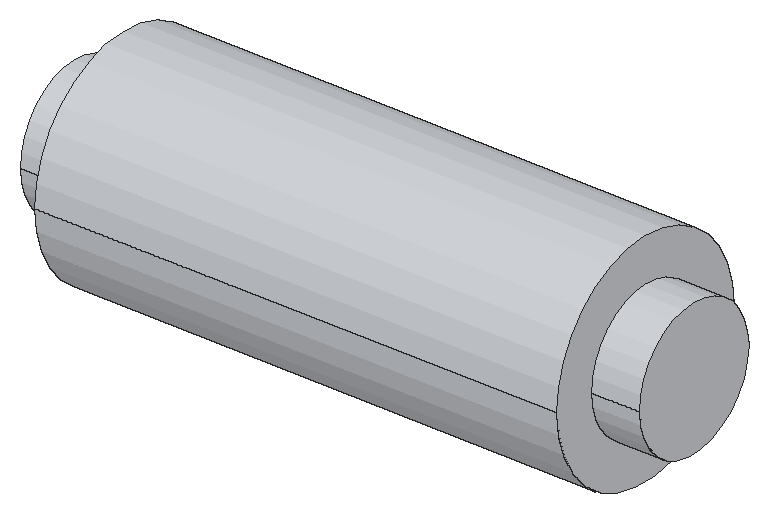
Revit family "Шумоглушитель DRQ", category Оборудование, Revit 2022
Family settings
  Размер круглого соединителя = Использовать диаметр
  Тип детали = Нормальный
  Номер OmniClass = 23.75.00.00
  Заголовок OmniClass = Climate Control (HVAC)
  На основе рабочей плоскости = Нет
  Всегда вертикально = Да
  При загрузке вырезать с полостями = Нет
  Сохранять ориентацию аннотаций = Нет
  Общий = Да
  Точка принадлежности помещению = Нет
Parameters (values of type "Шумоглушитель DRQ 160/6")
  Отметка по умолчанию = 0 mm
  Изготовитель = "WAER"  # constant formula
  ADSK_Система_Имя [instance] = ""
  ADSK_Размер_Длина_А = 615 mm
  ADSK_Размер_Диаметр_Б = 260 mm
  URL = ""
  Стоимость = 1
  ADSK_Расход воздуха = 300.0 m³/h
  ADSK_Размер_Длина_В = 730 mm
  ADSK_Размер_Диаметр_Д = 160 mm
  ADSK_Потеря давления воздуха = 0.0 Pa
  ADSK_Наименование краткое = "DRQ 160/6"
  ADSK_Наименование [instance] = "Шумоглушитель DRQ 160/6"
  ADSK_Масса_Текст = "5.8"
  ADSK_Масса = 5.8
  ADSK_Марка = "DRQ 160/6"
  ADSK_Количество [instance] = 1  # constant formula
  ADSK_Код изделия = "Шумоглушитель DRQ 160/6"
  ADSK_Завод-изготовитель = "WAER"  # constant formula
  ADSK_Единица измерения = "шт."  # constant formula
  ADSK_URL страницы изделия = "https://waer-air.com/shumoglushiteli-drq/"
  ADSK_URL документации изделия = "https://waer-air.com/data/uploads/download/channel-equipment-waer.pdf"
Types (12, lengths in mm): name | ADSK_Размер_Длина_А | ADSK_Размер_Диаметр_Б | ADSK_Размер_Длина_В | ADSK_Размер_Диаметр_Д | ADSK_Наименование краткое | ADSK_Наименование | ADSK_Масса_Текст | ADSK_Масса | ADSK_Марка | ADSK_Код изделия
  Шумоглушитель DRQ 100/6 | 615 | 200 | 730 | 100 | "DRQ 100/6" | "Шумоглушитель DRQ 100/6" | "4" | 4 | "DRQ 100/6" | "Шумоглушитель DRQ 100/6"
  Шумоглушитель DRQ 100/9 | 915 | 200 | 1030 | 100 | "DRQ 100/9" | "Шумоглушитель DRQ 100/9" | "5.4" | 5.4 | "DRQ 100/9" | "Шумоглушитель DRQ 100/9"
  Шумоглушитель DRQ 125/6 | 615 | 255 | 730 | 125 | "DRQ 125/6" | "Шумоглушитель DRQ 125/6" | "4.8" | 4.8 | "DRQ 125/6" | "Шумоглушитель DRQ 125/6"
  Шумоглушитель DRQ 125/9 | 915 | 255 | 1030 | 125 | "DRQ 125/9" | "Шумоглушитель DRQ 125/9" | "6.6" | 6.6 | "DRQ 125/9" | "Шумоглушитель DRQ 125/9"
  Шумоглушитель DRQ 160/6 | 615 | 260 | 730 | 160 | "DRQ 160/6" | "Шумоглушитель DRQ 160/6" | "5.8" | 5.8 | "DRQ 160/6" | "Шумоглушитель DRQ 160/6"
  Шумоглушитель DRQ 160/9 | 915 | 260 | 1030 | 160 | "DRQ 160/9" | "Шумоглушитель DRQ 160/9" | "7.4" | 7.4 | "DRQ 160/9" | "Шумоглушитель DRQ 160/9"
  Шумоглушитель DRQ 200/6 | 615 | 300 | 730 | 200 | "DRQ 200/6" | "Шумоглушитель DRQ 200/6" | "6.4" | 6.4 | "DRQ 200/6" | "Шумоглушитель DRQ 200/6"
  Шумоглушитель DRQ 200/9 | 915 | 300 | 1030 | 200 | "DRQ 200/9" | "Шумоглушитель DRQ 200/9" | "9.2" | 9.2 | "DRQ 200/9" | "Шумоглушитель DRQ 200/9"
  Шумоглушитель DRQ 250/6 | 615 | 350 | 730 | 250 | "DRQ 250/6" | "Шумоглушитель DRQ 250/6" | "7.8" | 7.8 | "DRQ 250/6" | "Шумоглушитель DRQ 250/6"
  Шумоглушитель DRQ 250/9 | 915 | 350 | 1030 | 250 | "DRQ 250/9" | "Шумоглушитель DRQ 250/9" | "10.6" | 10.6 | "DRQ 250/9" | "Шумоглушитель DRQ 250/9"
  Шумоглушитель DRQ 315/6 | 615 | 455 | 730 | 315 | "DRQ 315/6" | "Шумоглушитель DRQ 315/6" | "10.4" | 10.4 | "DRQ 315/6" | "Шумоглушитель DRQ 315/6"
  Шумоглушитель DRQ 315/9 | 915 | 455 | 1030 | 315 | "DRQ 315/9" | "Шумоглушитель DRQ 315/9" | "14" | 14 | "DRQ 315/9" | "Шумоглушитель DRQ 315/9"
Reference planes
  plane 1 "Center (Front/Back)": y = 0
  plane 2: z = 0
  plane 3 "Center (Left/Right)": x = 0
  plane 4: x = -365
  plane 5: x = 365
  plane 6: x = -307.5
  plane 7: x = 307.5
Forms (mm)
  Extrusion 1, solid
    sketch origin (0, 0, 0) x (0, 1, 0) y (0, 0, 1)
      loop
        circle (0, 0) r 80
    from 307.5 to 365
  Extrusion 2, solid
    sketch origin (0, 0, 0) x (0, 1, 0) y (0, 0, 1)
      loop
        circle (0, 0) r 130
    from -307.5 to 307.5
  Extrusion 3, solid
    sketch origin (0, 0, 0) x (0, 1, 0) y (0, 0, 1)
      loop
        circle (0, 0) r 80
    from -365 to -307.5
Dimensions and locks
  equal spacing: plane 4, plane 3 "Center (Left/Right)", plane 5
  "ADSK_Размер_Длина_В": plane 4 to plane 5
  equal spacing: Extrusion 1 sketch curve, plane 2, Extrusion 1 sketch curve
  equal spacing: Extrusion 1 sketch curve, plane 1 "Center (Front/Back)", Extrusion 1 sketch curve
  equal spacing: Extrusion 2 sketch curve, plane 1 "Center (Front/Back)", Extrusion 2 sketch curve
  equal spacing: Extrusion 2 sketch curve, plane 2, Extrusion 2 sketch curve
  equal spacing: plane 6, plane 3 "Center (Left/Right)", plane 7
  "ADSK_Размер_Длина_А": plane 6 to plane 7
  equal spacing: Extrusion 3 sketch curve, plane 1 "Center (Front/Back)", Extrusion 3 sketch curve
  equal spacing: Extrusion 3 sketch curve, plane 2, Extrusion 3 sketch curve
  "ADSK_Размер_Диаметр_Д": diameter of Extrusion 1 sketch curve
  "ADSK_Размер_Диаметр_Б": diameter of Extrusion 2 sketch curve
  "ADSK_Размер_Диаметр_Д": diameter of Extrusion 3 sketch curve
  aligned and locked: level to plane 2
  aligned and locked: plane 5 to Extrusion 1
  aligned and locked: plane 7 to Extrusion 2
  aligned and locked: Extrusion 2 to plane 6
  aligned and locked: Extrusion 1 to Extrusion 2
  aligned and locked: Extrusion 3 to plane 4
  aligned and locked: Extrusion 3 to Extrusion 2
Connectors
  hvac at (-365, 0, 0), driven by "ADSK_Размер_Диаметр_Д"
    settings: on Extrusion 3, index 1, duct flow 0.0 m³/h, flow factor 0, pres drop 0.0 Pa, loss coef 0, conn angle 0.00°, conn width 304.8 mm, conn height 304.8 mm, conn diameter 160 mm, duct sys type 29, conn prof type 0, flow config 0, flow direction 0, loss method 0, conn ref index 2, conn util no, is conn primary yes, conn desc ""
  hvac at (365, 0, 0), driven by "ADSK_Размер_Диаметр_Д"
    settings: on Extrusion 1, index 2, duct flow 0.0 m³/h, flow factor 0, pres drop 0.0 Pa, loss coef 0, conn angle 0.00°, conn width 304.8 mm, conn height 304.8 mm, conn diameter 160 mm, duct sys type 29, conn prof type 0, flow config 0, flow direction 0, loss method 0, conn ref index 1, conn util no, is conn primary no, conn desc ""
